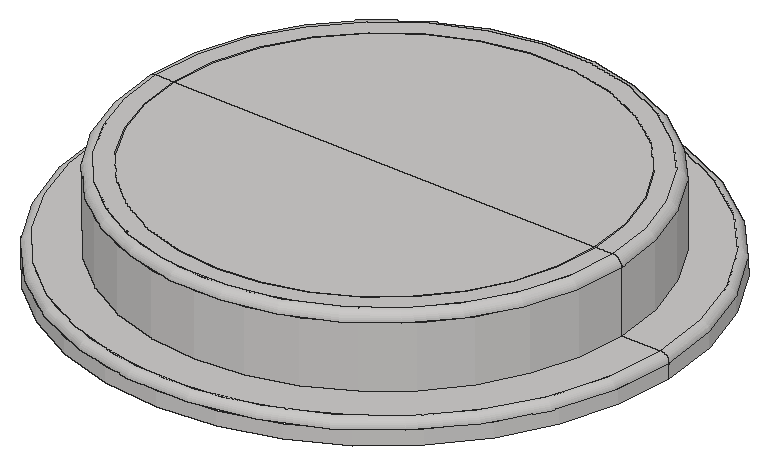
Revit family
Parameters (values of type "4810-04")
  Weight (lb) = 1.56
  Warranty = "1 year material and workmanship"  # constant formula
  URL = "http://www.jrsmith.com"
  Technical and Installation = "http://www.jrsmith.com/products/cleanout/tech_data_index.htm"
  SmartBIM Object Version = 3  # constant formula
  SmartBIM Object Created By = "Reed Construction Data"  # constant formula
  Product URL = "http://www.jrsmith.com/products/cleanout/submittal/d4510.pdf"
  Plug Size = 2"
  OmniClass Title = "Facility Drainage Piping CleanoutsSanitary Drains"  # constant formula
  OmniClass Code = "22-22 13 19 13"  # constant formula
  Model = "4810"  # constant formula
  Material Finish = Stainless Steel Polished
  Material = Nickel Bronze
  Manufacturer = "Jay R. Smith Mfg. Co. "  # constant formula
  Description = "Secured scoriated nickel bronze cover and frame with anchor lugs"  # constant formula
  Default Elevation = 0"
  Connection Type = ""
  C Radius = C / 2  # 2"
  C = 4"
  B = 4 1/2"
  Assembly Code = "D2030400"
  95 CSI = "15155"  # constant formula
  04 CSI = "22 13 19"  # constant formula
Types (5): name | Weight (lb) | Product URL | Plug Size | Default Elevation | C Radius | C | B
  4810-10 | 5.34 | "http://www.jrsmith.com/products/cleanout/submittal/d4020.pdf" | 8" | 0" | 5" | 10" | 10 1/2"
  4810-08 | 4.62 | "http://www.jrsmith.com/products/cleanout/submittal/d4020.pdf" | 6" | 48" | 4" | 8" | 8 1/2"
  4810-06 | 2.22 | "http://www.jrsmith.com/products/cleanout/submittal/d4020.pdf" | 4" | 48" | 3" | 6" | 6 1/2"
  4810-05 | 2.01 | "http://www.jrsmith.com/products/cleanout/submittal/d4020.pdf" | 3" | 48" | 2 3/4" | 5 1/2" | 5 3/4"
  4810-04 | 1.56 | "http://www.jrsmith.com/products/cleanout/submittal/d4510.pdf" | 2" | 0" | 2" | 4" | 4 1/2"
Reference planes (in)
  plane 1 "Center (Front/Back)": y = 0
  plane 2: z = 0
  plane 3 "Center (Left/Right)": x = -3.875
  plane 4 "C top": x = -6.125
  plane 5 "C bot": x = -1.625
  plane 6: z = 0
  plane 7: x = -5.875
  plane 8: x = -1.875
  plane 9: z = -0.75032
Forms (in)
  Revolve 1, solid, material "Nickel Bronze" <- "Material", detail levels medium+fine
    sketch origin (2, 0, 0.24968) x (1, 0, 0) y (0, 0, 1)
      loop
        line (-3.875, -0.12468) -> (-3.875, -0.49979) -> (-4.3289, -0.49979) -> (-4.3289, -0.62947) -> (-3.90279, -0.62947) -> (-3.90279, -1) -> (-3.17578, -1) -> (-3.17578, -0.86577)
        arc (-3.17578, -0.86577) -> (-3.19887, -0.81003) -> (-3.2546, -0.78695) r 0.07882
        line (-3.2546, -0.78695) -> (-3.625, -0.78695) -> (-3.625, -0.20856)
        arc (-3.625, -0.20856) -> (-3.64957, -0.14925) -> (-3.70888, -0.12468) r 0.08388
        line (-3.70888, -0.12468) -> (-3.875, -0.12468)
      axis (-5.875, -1) -> (-5.875, -0.12468)
    angle from 0 to 360
  Revolve 2, solid, material "Stainless Steel Polished" <- "Material Finish", detail levels medium+fine
    sketch origin (0, 0, -0.75032) x (1, 0, 0) y (0, 0, 1)
      loop
        line (-3.875, 0.50021) -> (-1.875, 0.50021) -> (-1.875, 0.87532) -> (-3.875, 0.87532) -> (-3.875, 0.50021)
      axis (-3.875, 0.50021) -> (-3.875, 0.87532)
    angle from 0 to 360
Dimensions and locks (in)
  equal spacing: plane 5 "C bot", plane 3 "Center (Left/Right)", plane 4 "C top"
  "B": plane 5 "C bot" to plane 4 "C top"
  locked: plane 6 to plane 2
  locked: plane 7 to plane 4 "C top" at 0.25
  locked: plane 8 to plane 5 "C bot" at 0.25
  plane 8 to plane 7 = 4"
  Revolve 1 sketch curve to Revolve 1 sketch curve to Revolve 1 sketch curve = 0.02779" locked, 0.42611" locked
  locked: plane 6 to plane 9 at 0.75032
  locked: Revolve 1 sketch curve to plane 6 at 0.125
  aligned and locked: plane 9 to Revolve 1 sketch curve
  aligned and locked: Revolve 2 sketch curve to Revolve 1
  aligned and locked: Revolve 1 to Revolve 2 sketch curve
Automatic sketch dimensions
  Revolve 1 sketch curve to plane 3 "Center (Left/Right)" = 0"
  Revolve 1 sketch curve to plane 8 = 0"
  Revolve 1 sketch curve to plane 5 "C bot" = 0"
  Revolve 1 sketch curve to plane 5 "C bot" = 0.08388"
  plane 5 "C bot" to Revolve 1 sketch curve = 0.3704"
  Revolve 1 sketch curve to Revolve 1 sketch curve = 0.07882"
  plane 6 to Revolve 1 sketch curve = 0.12532"
  Revolve 1 sketch curve to Revolve 1 sketch curve = 0.12968"
  Revolve 1 sketch curve to Revolve 1 sketch curve = 0.15747"
  Revolve 1 sketch curve to level = 1.87532"
  Revolve 2 sketch curve to plane 3 "Center (Left/Right)" = 0"  (x2)
  Revolve 2 sketch curve to plane 8 = 0"
  Revolve 2 sketch curve to level = 0.50011"
  plane 6 to Revolve 2 sketch curve = 0.14929"
  Revolve 1 sketch curve to Revolve 1 sketch curve = 0.13423"
Connectors (in)
  piping at (-3.875, 0, 0.125), driven by "C Radius"
    settings: on Revolve 2, index 1
